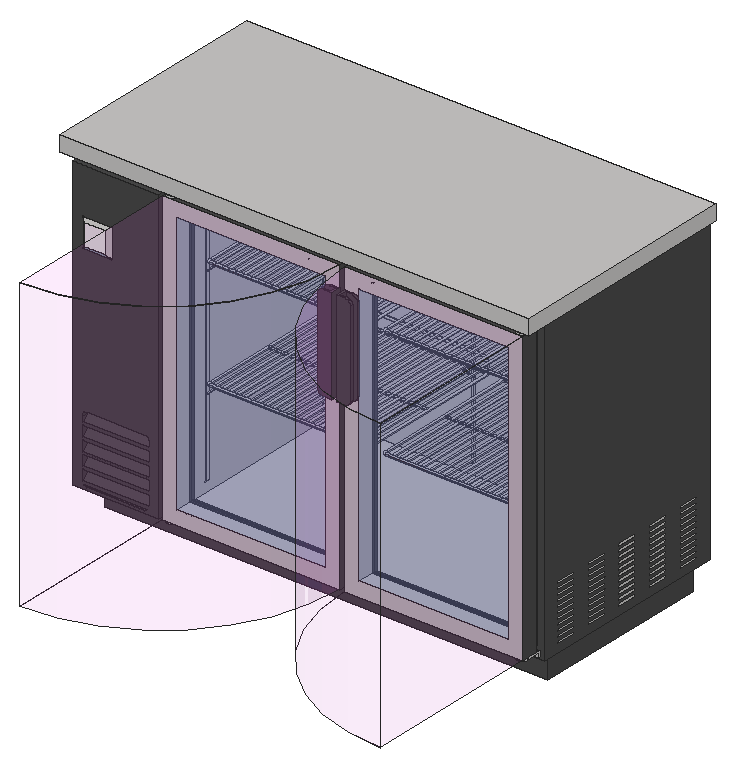
Revit family "QF_Kelvinator_738272_KCHBB48G_2-Glass_Door_Back_Bar_Refrigerator_Black_49_Long", category Specialty Equipment, Revit 2021 (continued)
Definition of nested family "KCHBB48S"
  Definition of nested family "Family1"
    Forms (in)
      Extrusion 20, solid
        sketch origin (0, -1.75, 0) x (1, 0, 0) y (0, 0, 1)
          loop
            line (17.1, 28.28433) -> (17.1, 18.28433) -> (18.6, 18.28433) -> (18.6, 28.28433) -> (17.1, 28.28433)
        from 0 to 1.07803
      Extrusion 21, void
        sketch origin (17.1, -1.75, 28.28433) x (0, 1, 0) y (1, 0, 0)
          loop
            line (-0.20136, 0) -> (-0.20136, 1.28125) -> (-0.88809, 1.28125) -> (-0.88809, 0) -> (-0.20136, 0)
        from 0 to 10
      Extrusion 22, void
        sketch origin (0, -1.75, 0) x (1, 0, 0) y (0, 0, 1)
          loop
            line (18.74063, 28.28433) -> (18.74063, 28.45985) -> (16.91722, 28.45985) -> (16.91722, 27.64371) -> (17.08438, 27.64371)
            arc (17.08438, 27.64371) -> (17.27201, 28.0967) -> (17.725, 28.28433) r 0.64062
            line (17.725, 28.28433) -> (18.74063, 28.28433)
          loop
            line (18.74063, 18.28433) -> (17.725, 18.28433)
            arc (17.725, 18.28433) -> (17.27201, 18.47197) -> (17.08438, 18.92496) r 0.64062
            line (17.08438, 18.92496) -> (16.91722, 18.92496) -> (16.91722, 18.10882) -> (18.74063, 18.10882) -> (18.74063, 18.28433)
        from 0 to 1.07803
      Extrusion 23, solid, visible <- "Show Clearance"
        sketch origin (0, 0, 0) x (1, 0, 0) y (0, 1, 0)
          loop
            line (0, -1.75) -> (0, -20.35)
            arc (0, -20.35) -> (13.15219, -14.90219) -> (18.6, -1.75) r 18.6
            line (18.6, -1.75) -> (0, -1.75)
        from 0 to 30.4
    Cuts and joins
      Extrusion 2, Extrusion 3, Extrusion 18, Extrusion 22 cuts Extrusion 1
      joined: Extrusion 6, Extrusion 7, Extrusion 8, Extrusion 9, Extrusion 10, Extrusion 11
      joined: Extrusion 12, Extrusion 13, Extrusion 14, Extrusion 15, Extrusion 16, Extrusion 17
      Extrusion 18, Extrusion 22 cuts Extrusion 4
      Extrusion 18 cuts Extrusion 5
      Extrusion 22 cuts Extrusion 19
      Extrusion 21, Extrusion 22 cuts Extrusion 20
    Lines and regions (in)
      Split face 1
        outline origin (0, -1.75, 30.4) x (-1, 0, 0) y (0, 0, -1)
          loop
            arc (-15.0075, 0.1875) -> (-14.695, 0.5) -> (-15.0075, 0.8125) r 0.3125
            line (-15.0075, 0.8125) -> (-16.10125, 0.8125)
            arc (-16.10125, 0.8125) -> (-16.41375, 0.5) -> (-16.10125, 0.1875) r 0.3125
            line (-16.10125, 0.1875) -> (-15.0075, 0.1875)
      Split face 2
        outline origin (0, -1.75, 30.4) x (-1, 0, 0) y (0, 0, -1)
          loop
            circle (-15.55437, 0.5) r 0.2773
      symbolic lines, visible <- "Show Clearance"
        curve 1: arc (16.10807, -11.05, 0) -> (17.8876, -6.84841, 0) -> (18.59064, -2.34, 0) r 18.6
        curve 2: line (1.02191, -2.34, 0) -> (16.10807, -11.05, 0)
    Dimensions and locks (in)
      equal spacing: plane 3 "LEFT", plane 7 "Center Y", plane 4 "RIGHT"
      "Length": plane 3 "LEFT" to plane 4 "RIGHT"
      equal spacing: plane 5 "FRONT", plane 8 "Center X", plane 1 "BACK"
      "Depth": plane 5 "FRONT" to plane 1 "BACK"
      "Height": plane 6 "TOP" to level
      aligned and locked: level to plane 2
    Automatic sketch dimensions
      Extrusion 1 sketch curve to level = 0.000"
      Extrusion 1 sketch curve to plane 3 "LEFT" = 0.000"
      plane 4 "RIGHT" to Extrusion 1 sketch curve = 0.000"
      Extrusion 1 sketch curve to plane 6 "TOP" = 0.000"
      Extrusion 2 sketch curve to plane 6 "TOP" = 4.42179"
      Extrusion 2 sketch curve to Extrusion 2 sketch curve = 0.3367"
      Extrusion 2 sketch curve to Extrusion 2 sketch curve = 0.33813"  (x2)
      Extrusion 2 sketch curve to Extrusion 2 sketch curve = 0.09937"  (x2)
      Extrusion 2 sketch curve to Extrusion 2 sketch curve = 0.1008"  (x2)
      plane 12 to Extrusion 2 sketch curve = 4.2715"
      Extrusion 2 sketch curve to Extrusion 2 sketch curve = 0.06211"
      Extrusion 2 sketch curve to Extrusion 2 sketch curve = 0.541"  (x2)
      plane 7 "Center Y" to Extrusion 2 sketch curve = 4.175"
      Extrusion 2 sketch curve to Extrusion 2 sketch curve = 0.000"
      Extrusion 2 sketch curve to Extrusion 2 sketch curve = 0.47572"
      Extrusion 2 sketch curve to Extrusion 2 sketch curve = 0.063"
      Split face 1 sketch curve to cut or joined group of Extrusion 1, Extrusion 2, Extrusion 3, Extrusion 18, Extrusion 22 = 0.1875"
      cut or joined group of Extrusion 1, Extrusion 2, Extrusion 3, Extrusion 18, Extrusion 22 to Split face 1 sketch curve = 0.2873"  (x2)
      Split face 1 sketch curve to cut or joined group of Extrusion 1, Extrusion 2, Extrusion 3, Extrusion 18, Extrusion 22 = 0.03125"
      Split face 2 sketch curve to cut or joined group of Extrusion 1, Extrusion 2, Extrusion 3, Extrusion 18, Extrusion 22 = 0.03125"
      Split face 2 sketch curve to cut or joined group of Extrusion 1, Extrusion 2, Extrusion 3, Extrusion 18, Extrusion 22 = 0.25958"
      Extrusion 1 to Extrusion 3 sketch curve = 0.46875"
      Extrusion 1 to Extrusion 3 sketch curve = 2.78605"
      Extrusion 3 sketch curve to Extrusion 3 sketch curve = 0.51916"
      Extrusion 3 sketch curve to Extrusion 3 sketch curve = 0.0625"
      Extrusion 4 sketch curve to plane 1 "BACK" = 0.000"
      level to Extrusion 4 sketch curve = 0.32425"
      Extrusion 4 sketch curve to plane 6 "TOP" = 0.32575"
      Extrusion 4 sketch curve to Extrusion 4 sketch curve = 0.250"
      Extrusion 5 sketch curve to plane 9 = 0.000"
      level to Extrusion 5 sketch curve = 0.32425"
      Extrusion 5 sketch curve to plane 6 "TOP" = 0.32575"
      Extrusion 5 sketch curve to Extrusion 5 sketch curve = 0.250"
      Extrusion 6 sketch curve to plane 6 "TOP" = 0.000"
      Extrusion 6 sketch curve to plane 3 "LEFT" = 0.000"
      Extrusion 6 sketch curve to plane 10 = 0.12956"
      plane 12 to Extrusion 6 sketch curve = 2.6875"
      Extrusion 7 sketch curve to plane 9 = 0.000"
      Extrusion 7 sketch curve to plane 3 "LEFT" = 0.000"
      plane 12 to Extrusion 7 sketch curve = 0.23886"
      Extrusion 7 sketch curve to plane 8 "Center X" = 0.250"
      Extrusion 8 sketch curve to Extrusion 6 = 0.29232"
      Extrusion 8 sketch curve to Extrusion 6 = 0.45668"
      Extrusion 9 sketch curve to plane 8 "Center X" = 0.000"
      plane 12 to Extrusion 9 sketch curve = 0.23886"
      Extrusion 10 sketch curve to Extrusion 6 = 0.29232"
      Extrusion 10 sketch curve to Extrusion 6 = 1.45668"
      Extrusion 11 sketch curve to Extrusion 6 = 0.29232"
      Extrusion 11 sketch curve to Extrusion 6 = 0.54332"
      Extrusion 12 sketch curve to level = 0.000"
      Extrusion 12 sketch curve to plane 3 "LEFT" = 0.000"
      Extrusion 12 sketch curve to plane 11 = 0.12956"
      plane 12 to Extrusion 12 sketch curve = 2.6875"
      Extrusion 13 sketch curve to plane 3 "LEFT" = 0.000"
      Extrusion 13 sketch curve to plane 9 = 0.000"
      Extrusion 13 sketch curve to plane 8 "Center X" = 0.250"
      Extrusion 13 sketch curve to Extrusion 13 sketch curve = 0.55136"
      Extrusion 14 sketch curve to Extrusion 12 = 0.29232"
      Extrusion 14 sketch curve to Extrusion 12 = 0.45668"
      Extrusion 15 sketch curve to plane 8 "Center X" = 0.000"
      plane 12 to Extrusion 15 sketch curve = 0.23886"
      Extrusion 16 sketch curve to Extrusion 12 = 0.29232"
      Extrusion 16 sketch curve to Extrusion 12 = 1.45668"
      Extrusion 17 sketch curve to Extrusion 12 = 0.29232"
      Extrusion 17 sketch curve to Extrusion 12 = 0.54332"
      plane 3 "LEFT" to Extrusion 18 sketch curve = 1.500"
      Extrusion 18 sketch curve to plane 6 "TOP" = 1.500"
      level to Extrusion 18 sketch curve = 1.500"
      plane 4 "RIGHT" to Extrusion 18 sketch curve = 1.500"
      plane 12 to Extrusion 19 sketch curve = 1.1875"
      plane 13 to Extrusion 19 sketch curve = 1.1875"
      level to Extrusion 19 sketch curve = 1.500"
      Extrusion 19 sketch curve to plane 6 "TOP" = 1.500"
      plane 4 "RIGHT" to Extrusion 20 sketch curve = 0.000"
      plane 13 to Extrusion 20 sketch curve = 1.1875"
      Extrusion 20 sketch curve to plane 6 "TOP" = 12.11567"
      Extrusion 20 sketch curve to plane 6 "TOP" = 2.11567"
      Extrusion 21 sketch curve to Extrusion 20 = 0.000"
      Extrusion 21 sketch curve to Extrusion 20 = 0.21875"
      Extrusion 20 to Extrusion 21 sketch curve = 0.18994"
      Extrusion 20 to Extrusion 21 sketch curve = 0.20136"
      Extrusion 22 sketch curve to Extrusion 20 = 0.000"  (x2)
      Extrusion 22 sketch curve to Extrusion 20 = 0.18278"  (x2)
      Extrusion 22 sketch curve to Extrusion 20 = 0.01562"  (x2)
      Extrusion 20 to Extrusion 22 sketch curve = 0.625"  (x2)
      Extrusion 22 sketch curve to Extrusion 20 = 0.14062"  (x2)
      Extrusion 22 sketch curve to Extrusion 20 = 0.17552"
      Extrusion 22 sketch curve to Extrusion 22 sketch curve = 0.17552"
      plane 5 "FRONT" to Extrusion 23 sketch curve = 0.000"
      Extrusion 23 sketch curve to plane 3 "LEFT" = 0.000"
      Extrusion 23 sketch curve to plane 13 = 0.3125"
      curve 1 to plane 3 "LEFT" = 0.000"
      curve 2 to plane 14 = 0.000"
      curve 1 to plane 14 = 0.000"
      plane 5 "FRONT" to curve 1 = 0.000"
      plane 13 to curve 2 = 2.17943"
      curve 2 to plane 14 = 8.710"
      plane 12 to curve 2 = 0.70941"
      radius of Split face 2 sketch curve = 0.2773"
      radius of Extrusion 8 sketch curve = 0.250"
      radius of Extrusion 9 sketch curve = 0.250"
      radius of Extrusion 10 sketch curve = 0.250"
      radius of Extrusion 11 sketch curve = 0.250"
      radius of Extrusion 14 sketch curve = 0.250"
      radius of Extrusion 15 sketch curve = 0.250"
      radius of Extrusion 16 sketch curve = 0.250"
      radius of Extrusion 17 sketch curve = 0.250"
  Definition of nested family "Family2"
    Parameters (values of type "Family2")
      Weight in Pounds = 0
      URL Cutsheet = ""
      Specification by User = ""
      Specification by Manufacturer = ""
      Serial Number = ""
      Seismic Rating = ""
      SMACNA No = ""
      Revision Code = ""
      NAFEM Spec ID Number = ""
      Masterspec = ""
      Length = 36.250"
      Item Number = ""
      Installed By = ""
      Identify Quantity as Lot = yes
      Height = 27.000"
      Furnished By = ""
      Foodservice Equipment Identifier = yes
      Depth = 17.500"
      Default Elevation = 0.000"
      CSI MasterFormat = ""
    Reference planes (in)
      plane 1 "BACK": y = 0
      plane 2: z = 0
      plane 3 "LEFT": x = 0
      plane 4 "RIGHT": x = 36.25
      plane 5 "FRONT": y = -17.5
      plane 6 "TOP": z = 27
      plane 7 "Center Y": x = 18.125
      plane 8 "Center X": y = -8.75
    Forms (in)
      Sweep 1, solid
        path origin (0, -0.375, -12.5068) x (1, 0, 0) y (0, 1, 0)
          loop
            arc (0.77862, -0.125) -> (0.60184, -0.19822) -> (0.52862, -0.375) r 0.25
            line (0.52862, -0.375) -> (0.52862, -15.625)
            arc (0.52862, -15.625) -> (0.60184, -15.80178) -> (0.77862, -15.875) r 0.25
            line (0.77862, -15.875) -> (17.06095, -15.875)
            arc (17.06095, -15.875) -> (17.23773, -15.80178) -> (17.31095, -15.625) r 0.25
            line (17.31095, -15.625) -> (17.31095, -0.375)
            arc (17.31095, -0.375) -> (17.23773, -0.19822) -> (17.06095, -0.125) r 0.25
            line (17.06095, -0.125) -> (0.77862, -0.125)
        profile origin (8.91979, -0.5, -12.5068) x (0, 1, 0) y (0, 0, 1)
          loop
            circle (0, 33.51221) r 0.125
      Sweep 2, solid
        path origin (0, -0.375, -12.5068) x (1, 0, 0) y (0, 0, 1)
          loop
            line (0.65748, 33.41305) -> (0.65748, 34.5)
            arc (0.65748, 34.5) -> (0.80392, 34.85355) -> (1.15748, 35) r 0.5
            line (1.15748, 35) -> (16.56127, 35)
            arc (16.56127, 35) -> (16.91483, 34.85355) -> (17.06127, 34.5) r 0.5
            line (17.06127, 34.5) -> (17.06127, 33.39548)
        profile origin (1.15748, -0.375, 22.4932) x (0, 0, 1) y (0, -1, 0)
          loop
            circle (0, 0.125) r 0.125
      Extrusion 3, solid
        sketch origin (0, -0.375, -12.5068) x (1, 0, 0) y (0, 0, 1)
          loop
            circle (1.24728, 33.51221) r 0.11607
          loop
            circle (1.99728, 33.51221) r 0.11719
          loop
            circle (2.74728, 33.51221) r 0.11719
          loop
            circle (3.49728, 33.51221) r 0.11719
          loop
            circle (4.24728, 33.51221) r 0.11719
          loop
            circle (4.99728, 33.51221) r 0.11719
          loop
            circle (5.74728, 33.51221) r 0.11719
          loop
            circle (6.49728, 33.51221) r 0.11719
          loop
            circle (7.24728, 33.51221) r 0.11719
          loop
            circle (7.99728, 33.51221) r 0.11719
          loop
            circle (8.74728, 33.51221) r 0.11719
          loop
            circle (12.59103, 33.51221) r 0.11719
          loop
            circle (9.49728, 33.51221) r 0.11719
          loop
            circle (10.24728, 33.51221) r 0.11719
          loop
            circle (10.99728, 33.51221) r 0.11719
          loop
            circle (11.74728, 33.51221) r 0.11719
          loop
            circle (16.44022, 33.51221) r 0.11719
          loop
            circle (15.69022, 33.51221) r 0.11719
          loop
            circle (14.94022, 33.51221) r 0.11719
          loop
            circle (14.19022, 33.51221) r 0.11719
          loop
            circle (13.44022, 33.51221) r 0.11719
        from 0.11338 to 15.87625
      Extrusion 4, solid
        sketch origin (0, -0.375, -12.5068) x (0, 1, 0) y (0, 0, 1)
          loop
            circle (-8, 33.51181) r 0.11366
        from 0.53657 to 17.16169
      Extrusion 5, solid
        sketch origin (17.375, -16, 0) x (1, 0, 0) y (0, 0, 1)
          loop
            line (18.875, 27) -> (18.69822, 26.82322) -> (18.69822, 0.17678) -> (18.875, 0) -> (18.875, 27)
        from 0 to -0.25
      Extrusion 6, solid
        sketch origin (17.375, -0.5, 0) x (1, 0, 0) y (0, 0, -1)
          loop
            line (18.875, -27) -> (18.875, 0) -> (18.69822, -0.17678) -> (18.69822, -26.82322) -> (18.875, -27)
        from 0 to -0.25
      Sweep 7, solid
        path origin (36.25, -0.375, -12.5068) x (-1, 0, 0) y (0, -1, 0)
          loop
            line (0.77862, 0.125) -> (17.06095, 0.125)
            arc (17.06095, 0.125) -> (17.23773, 0.19822) -> (17.31095, 0.375) r 0.25
            line (17.31095, 0.375) -> (17.31095, 15.625)
            arc (17.31095, 15.625) -> (17.23773, 15.80178) -> (17.06095, 15.875) r 0.25
            line (17.06095, 15.875) -> (0.77862, 15.875)
            arc (0.77862, 15.875) -> (0.60184, 15.80178) -> (0.52862, 15.625) r 0.25
            line (0.52862, 15.625) -> (0.52862, 0.375)
            arc (0.52862, 0.375) -> (0.60184, 0.19822) -> (0.77862, 0.125) r 0.25
        profile origin (27.33021, -0.5, -12.5068) x (0, -1, 0) y (0, 0, 1)
          loop
            circle (0, 33.51221) r 0.125
      Sweep 8, solid
        path origin (36.25, -0.375, -12.5068) x (-1, 0, 0) y (0, 0, -1)
          loop
            line (0.65748, -33.41305) -> (0.65748, -34.5)
            arc (0.65748, -34.5) -> (0.80392, -34.85355) -> (1.15748, -35) r 0.5
            line (1.15748, -35) -> (16.56127, -35)
            arc (16.56127, -35) -> (16.91483, -34.85355) -> (17.06127, -34.5) r 0.5
            line (17.06127, -34.5) -> (17.06127, -33.39548)
        profile origin (35.09252, -0.375, 22.4932) x (0, 0, -1) y (0, -1, 0)
          loop
            circle (0, 0.125) r 0.125
      Extrusion 9, solid
        sketch origin (36.25, -0.375, -12.5068) x (-1, 0, 0) y (0, 0, -1)
          loop
            circle (1.24728, -33.51221) r 0.11607
          loop
            circle (1.99728, -33.51221) r 0.11719
          loop
            circle (2.74728, -33.51221) r 0.11719
          loop
            circle (3.49728, -33.51221) r 0.11719
          loop
            circle (4.24728, -33.51221) r 0.11719
          loop
            circle (4.99728, -33.51221) r 0.11719
          loop
            circle (5.74728, -33.51221) r 0.11719
          loop
            circle (6.49728, -33.51221) r 0.11719
          loop
            circle (7.24728, -33.51221) r 0.11719
          loop
            circle (7.99728, -33.51221) r 0.11719
          loop
            circle (8.74728, -33.51221) r 0.11719
          loop
            circle (12.59103, -33.51221) r 0.11719
          loop
            circle (9.49728, -33.51221) r 0.11719
          loop
            circle (10.24728, -33.51221) r 0.11719
          loop
            circle (10.99728, -33.51221) r 0.11719
          loop
            circle (11.74728, -33.51221) r 0.11719
          loop
            circle (16.44022, -33.51221) r 0.11719
          loop
            circle (15.69022, -33.51221) r 0.11719
          loop
            circle (14.94022, -33.51221) r 0.11719
          loop
            circle (14.19022, -33.51221) r 0.11719
          loop
            circle (13.44022, -33.51221) r 0.11719
        from 0.11338 to 15.87625
      Extrusion 10, solid
        sketch origin (36.25, -0.375, -12.5068) x (0, 1, 0) y (0, 0, -1)
          loop
            circle (-8, -33.51181) r 0.11366
        from 0.53657 to 17.16169
      Extrusion 11, solid
        sketch origin (10.98556, -16, -0.25) x (1, 0, 0) y (0, 0, 1)
          loop
            line (25.08766, 9.5) -> (25.08766, 9.625) -> (24.04932, 9.625)
            arc (24.04932, 9.625) -> (24.01474, 9.60189) -> (24.02285, 9.5611) r 0.03743
            line (24.02285, 9.5611) -> (25.08766, 8.49629) -> (25.08766, 8.67306) -> (24.30703, 9.45369)
            arc (24.30703, 9.45369) -> (24.30115, 9.48325) -> (24.32622, 9.5) r 0.02713
            line (24.32622, 9.5) -> (25.08766, 9.5)
          loop
            line (25.08766, 21) -> (25.08766, 21.125) -> (24.04932, 21.125)
            arc (24.04932, 21.125) -> (24.01474, 21.10189) -> (24.02285, 21.0611) r 0.03743
            line (24.02285, 21.0611) -> (25.08766, 19.99629) -> (25.08766, 20.17306) -> (24.30703, 20.95369)
            arc (24.30703, 20.95369) -> (24.30115, 20.98325) -> (24.32622, 21) r 0.02713
            line (24.32622, 21) -> (25.08766, 21)
        from 0 to -0.25
      Extrusion 12, solid
        sketch origin (11.0625, -0.5, -0.25) x (1, 0, 0) y (0, 0, -1)
          loop
            line (25.01072, -9.5) -> (24.24928, -9.5)
            arc (24.24928, -9.5) -> (24.22422, -9.48325) -> (24.2301, -9.45369) r 0.02713
            line (24.2301, -9.45369) -> (25.01072, -8.67306) -> (25.01072, -8.49629) -> (23.94591, -9.5611)
            arc (23.94591, -9.5611) -> (23.9378, -9.60189) -> (23.97238, -9.625) r 0.03743
            line (23.97238, -9.625) -> (25.01072, -9.625) -> (25.01072, -9.5)
          loop
            line (25.01072, -21) -> (24.24928, -21)
            arc (24.24928, -21) -> (24.22422, -20.98325) -> (24.2301, -20.95369) r 0.02713
            line (24.2301, -20.95369) -> (25.01072, -20.17306) -> (25.01072, -19.99629) -> (23.94591, -21.0611)
            arc (23.94591, -21.0611) -> (23.9378, -21.10189) -> (23.97238, -21.125) r 0.03743
            line (23.97238, -21.125) -> (25.01072, -21.125) -> (25.01072, -21)
        from 0 to -0.25
      Extrusion 13, solid
        sketch origin (33.99829, -18.875, 0) x (0, 1, 0) y (0, 0, 1)
          loop
            line (18.875, 27) -> (18.69822, 26.82322) -> (18.69822, 0.17678) -> (18.875, 0) -> (18.875, 27)
        from 0 to -0.25
      Extrusion 14, solid
        sketch origin (33.99829, -25.26444, -0.25) x (0, 1, 0) y (0, 0, 1)
          loop
            line (25.08766, 9.48438) -> (25.08766, 9.60938) -> (24.04932, 9.60938)
            arc (24.04932, 9.60938) -> (24.01474, 9.58627) -> (24.02285, 9.54547) r 0.03743
            line (24.02285, 9.54547) -> (25.08766, 8.48066) -> (25.08766, 8.65744) -> (24.30703, 9.43806)
            arc (24.30703, 9.43806) -> (24.30115, 9.46763) -> (24.32622, 9.48438) r 0.02713
            line (24.32622, 9.48438) -> (25.08766, 9.48438)
          loop
            line (25.08766, 21) -> (25.08766, 21.125) -> (24.04932, 21.125)
            arc (24.04932, 21.125) -> (24.01474, 21.10189) -> (24.02285, 21.0611) r 0.03743
            line (24.02285, 21.0611) -> (25.08766, 19.99629) -> (25.08766, 20.17306) -> (24.30703, 20.95369)
            arc (24.30703, 20.95369) -> (24.30115, 20.98325) -> (24.32622, 21) r 0.02713
            line (24.32622, 21) -> (25.08766, 21)
        from 0 to -0.25
      Sweep 15, solid
        path origin (0, -0.375, -24.0068) x (1, 0, 0) y (0, 1, 0)
          loop
            arc (0.77862, -0.125) -> (0.60184, -0.19822) -> (0.52862, -0.375) r 0.25
            line (0.52862, -0.375) -> (0.52862, -15.625)
            arc (0.52862, -15.625) -> (0.60184, -15.80178) -> (0.77862, -15.875) r 0.25
            line (0.77862, -15.875) -> (17.06095, -15.875)
            arc (17.06095, -15.875) -> (17.23773, -15.80178) -> (17.31095, -15.625) r 0.25
            line (17.31095, -15.625) -> (17.31095, -0.375)
            arc (17.31095, -0.375) -> (17.23773, -0.19822) -> (17.06095, -0.125) r 0.25
            line (17.06095, -0.125) -> (0.77862, -0.125)
        profile origin (8.91979, -0.5, -24.0068) x (0, 1, 0) y (0, 0, 1)
          loop
            circle (0, 33.51221) r 0.125
      Sweep 16, solid
        path origin (0, -0.375, -24.0068) x (1, 0, 0) y (0, 0, 1)
          loop
            line (0.65748, 33.41305) -> (0.65748, 34.5)
            arc (0.65748, 34.5) -> (0.80392, 34.85355) -> (1.15748, 35) r 0.5
            line (1.15748, 35) -> (16.56127, 35)
            arc (16.56127, 35) -> (16.91483, 34.85355) -> (17.06127, 34.5) r 0.5
            line (17.06127, 34.5) -> (17.06127, 33.39548)
        profile origin (1.15748, -0.375, 10.9932) x (0, 0, 1) y (0, -1, 0)
          loop
            circle (0, 0.125) r 0.125
      Extrusion 17, solid
        sketch origin (0, -0.375, -24.0068) x (1, 0, 0) y (0, 0, 1)
          loop
            circle (1.24728, 33.51221) r 0.11607
          loop
            circle (1.99728, 33.51221) r 0.11719
          loop
            circle (2.74728, 33.51221) r 0.11719
          loop
            circle (3.49728, 33.51221) r 0.11719
          loop
            circle (4.24728, 33.51221) r 0.11719
          loop
            circle (4.99728, 33.51221) r 0.11719
          loop
            circle (5.74728, 33.51221) r 0.11719
          loop
            circle (6.49728, 33.51221) r 0.11719
          loop
            circle (7.24728, 33.51221) r 0.11719
          loop
            circle (7.99728, 33.51221) r 0.11719
          loop
            circle (8.74728, 33.51221) r 0.11719
          loop
            circle (12.59103, 33.51221) r 0.11719
          loop
            circle (9.49728, 33.51221) r 0.11719
          loop
            circle (10.24728, 33.51221) r 0.11719
          loop
            circle (10.99728, 33.51221) r 0.11719
          loop
            circle (11.74728, 33.51221) r 0.11719
          loop
            circle (16.44022, 33.51221) r 0.11719
          loop
            circle (15.69022, 33.51221) r 0.11719
          loop
            circle (14.94022, 33.51221) r 0.11719
          loop
            circle (14.19022, 33.51221) r 0.11719
          loop
            circle (13.44022, 33.51221) r 0.11719
        from 0.11338 to 15.87625
      Extrusion 18, solid
        sketch origin (0, -0.375, -24.0068) x (0, 1, 0) y (0, 0, 1)
          loop
            circle (-8, 33.51181) r 0.11366
        from 0.53657 to 17.16169
      Sweep 19, solid
        path origin (36.25, -0.375, -24.0068) x (-1, 0, 0) y (0, -1, 0)
          loop
            line (0.77862, 0.125) -> (17.06095, 0.125)
            arc (17.06095, 0.125) -> (17.23773, 0.19822) -> (17.31095, 0.375) r 0.25
            line (17.31095, 0.375) -> (17.31095, 15.625)
            arc (17.31095, 15.625) -> (17.23773, 15.80178) -> (17.06095, 15.875) r 0.25
            line (17.06095, 15.875) -> (0.77862, 15.875)
            arc (0.77862, 15.875) -> (0.60184, 15.80178) -> (0.52862, 15.625) r 0.25
            line (0.52862, 15.625) -> (0.52862, 0.375)
            arc (0.52862, 0.375) -> (0.60184, 0.19822) -> (0.77862, 0.125) r 0.25
        profile origin (27.33021, -0.5, -24.0068) x (0, -1, 0) y (0, 0, 1)
          loop
            circle (0, 33.51221) r 0.125
      Sweep 20, solid
        path origin (36.25, -0.375, -24.0068) x (-1, 0, 0) y (0, 0, -1)
          loop
            line (0.65748, -33.41305) -> (0.65748, -34.5)
            arc (0.65748, -34.5) -> (0.80392, -34.85355) -> (1.15748, -35) r 0.5
            line (1.15748, -35) -> (16.56127, -35)
            arc (16.56127, -35) -> (16.91483, -34.85355) -> (17.06127, -34.5) r 0.5
            line (17.06127, -34.5) -> (17.06127, -33.39548)
        profile origin (35.09252, -0.375, 10.9932) x (0, 0, -1) y (0, -1, 0)
          loop
            circle (0, 0.125) r 0.125
      Extrusion 21, solid
        sketch origin (36.25, -0.375, -24.0068) x (-1, 0, 0) y (0, 0, -1)
          loop
            circle (1.24728, -33.51221) r 0.11607
          loop
            circle (1.99728, -33.51221) r 0.11719
          loop
            circle (2.74728, -33.51221) r 0.11719
          loop
            circle (3.49728, -33.51221) r 0.11719
          loop
            circle (4.24728, -33.51221) r 0.11719
          loop
            circle (4.99728, -33.51221) r 0.11719
          loop
            circle (5.74728, -33.51221) r 0.11719
          loop
            circle (6.49728, -33.51221) r 0.11719
          loop
            circle (7.24728, -33.51221) r 0.11719
          loop
            circle (7.99728, -33.51221) r 0.11719
          loop
            circle (8.74728, -33.51221) r 0.11719
          loop
            circle (12.59103, -33.51221) r 0.11719
          loop
            circle (9.49728, -33.51221) r 0.11719
          loop
            circle (10.24728, -33.51221) r 0.11719
          loop
            circle (10.99728, -33.51221) r 0.11719
          loop
            circle (11.74728, -33.51221) r 0.11719
          loop
            circle (16.44022, -33.51221) r 0.11719
          loop
            circle (15.69022, -33.51221) r 0.11719
          loop
            circle (14.94022, -33.51221) r 0.11719
          loop
            circle (14.19022, -33.51221) r 0.11719
          loop
            circle (13.44022, -33.51221) r 0.11719
        from 0.11338 to 15.87625
      Extrusion 22, solid
        sketch origin (36.25, -0.375, -24.0068) x (0, 1, 0) y (0, 0, -1)
          loop
            circle (-8, -33.51181) r 0.11366
        from 0.53657 to 17.16169
      Extrusion 23, solid
        sketch origin (21.06079, -18.875, 0) x (0, 1, 0) y (0, 0, 1)
          loop
            line (18.875, 27) -> (18.69822, 26.82322) -> (18.69822, 0.17678) -> (18.875, 0) -> (18.875, 27)
        from 0 to -0.25
      Extrusion 24, solid
        sketch origin (21.06079, -25.26444, -0.25) x (0, 1, 0) y (0, 0, 1)
          loop
            line (25.08766, 9.48438) -> (25.08766, 9.60938) -> (24.04932, 9.60938)
            arc (24.04932, 9.60938) -> (24.01474, 9.58627) -> (24.02285, 9.54547) r 0.03743
            line (24.02285, 9.54547) -> (25.08766, 8.48066) -> (25.08766, 8.65744) -> (24.30703, 9.43806)
            arc (24.30703, 9.43806) -> (24.30115, 9.46763) -> (24.32622, 9.48438) r 0.02713
            line (24.32622, 9.48438) -> (25.08766, 9.48438)
          loop
            line (25.08766, 21) -> (25.08766, 21.125) -> (24.04932, 21.125)
            arc (24.04932, 21.125) -> (24.01474, 21.10189) -> (24.02285, 21.0611) r 0.03743
            line (24.02285, 21.0611) -> (25.08766, 19.99629) -> (25.08766, 20.17306) -> (24.30703, 20.95369)
            arc (24.30703, 20.95369) -> (24.30115, 20.98325) -> (24.32622, 21) r 0.02713
            line (24.32622, 21) -> (25.08766, 21)
        from 0 to -0.25
      Extrusion 25, solid
        sketch origin (18.875, -16, 0) x (-1, 0, 0) y (0, 0, -1)
          loop
            line (18.875, -27) -> (18.875, 0) -> (18.69822, -0.17678) -> (18.69822, -26.82322) -> (18.875, -27)
        from 0 to -0.25
      Extrusion 26, solid
        sketch origin (18.875, -0.5, 0) x (-1, 0, 0) y (0, 0, 1)
          loop
            line (18.875, 27) -> (18.69822, 26.82322) -> (18.69822, 0.17678) -> (18.875, 0) -> (18.875, 27)
        from 0 to -0.25
      Extrusion 27, solid
        sketch origin (25.26444, -16, -0.25) x (-1, 0, 0) y (0, 0, -1)
          loop
            line (25.08766, -9.5) -> (24.32622, -9.5)
            arc (24.32622, -9.5) -> (24.30115, -9.48325) -> (24.30703, -9.45369) r 0.02713
            line (24.30703, -9.45369) -> (25.08766, -8.67306) -> (25.08766, -8.49629) -> (24.02285, -9.5611)
            arc (24.02285, -9.5611) -> (24.01474, -9.60189) -> (24.04932, -9.625) r 0.03743
            line (24.04932, -9.625) -> (25.08766, -9.625) -> (25.08766, -9.5)
          loop
            line (25.08766, -21) -> (24.32622, -21)
            arc (24.32622, -21) -> (24.30115, -20.98325) -> (24.30703, -20.95369) r 0.02713
            line (24.30703, -20.95369) -> (25.08766, -20.17306) -> (25.08766, -19.99629) -> (24.02285, -21.0611)
            arc (24.02285, -21.0611) -> (24.01474, -21.10189) -> (24.04932, -21.125) r 0.03743
            line (24.04932, -21.125) -> (25.08766, -21.125) -> (25.08766, -21)
        from 0 to -0.25
      Extrusion 28, solid
        sketch origin (25.1875, -0.5, -0.25) x (-1, 0, 0) y (0, 0, 1)
          loop
            line (25.01072, 9.5) -> (25.01072, 9.625) -> (23.97238, 9.625)
            arc (23.97238, 9.625) -> (23.9378, 9.60189) -> (23.94591, 9.5611) r 0.03743
            line (23.94591, 9.5611) -> (25.01072, 8.49629) -> (25.01072, 8.67306) -> (24.2301, 9.45369)
            arc (24.2301, 9.45369) -> (24.22422, 9.48325) -> (24.24928, 9.5) r 0.02713
            line (24.24928, 9.5) -> (25.01072, 9.5)
          loop
            line (25.01072, 21) -> (25.01072, 21.125) -> (23.97238, 21.125)
            arc (23.97238, 21.125) -> (23.9378, 21.10189) -> (23.94591, 21.0611) r 0.03743
            line (23.94591, 21.0611) -> (25.01072, 19.99629) -> (25.01072, 20.17306) -> (24.2301, 20.95369)
            arc (24.2301, 20.95369) -> (24.22422, 20.98325) -> (24.24928, 21) r 0.02713
            line (24.24928, 21) -> (25.01072, 21)
        from 0 to -0.25
      Extrusion 29, solid
        sketch origin (2.25171, -18.875, 0) x (0, 1, 0) y (0, 0, -1)
          loop
            line (18.875, -27) -> (18.875, 0) -> (18.69822, -0.17678) -> (18.69822, -26.82322) -> (18.875, -27)
        from 0 to -0.25
      Extrusion 30, solid
        sketch origin (2.25171, -25.26444, -0.25) x (0, 1, 0) y (0, 0, -1)
          loop
            line (25.08766, -9.48438) -> (24.32622, -9.48438)
            arc (24.32622, -9.48438) -> (24.30115, -9.46763) -> (24.30703, -9.43806) r 0.02713
            line (24.30703, -9.43806) -> (25.08766, -8.65744) -> (25.08766, -8.48066) -> (24.02285, -9.54547)
            arc (24.02285, -9.54547) -> (24.01474, -9.58627) -> (24.04932, -9.60938) r 0.03743
            line (24.04932, -9.60938) -> (25.08766, -9.60938) -> (25.08766, -9.48438)
          loop
            line (25.08766, -21) -> (24.32622, -21)
            arc (24.32622, -21) -> (24.30115, -20.98325) -> (24.30703, -20.95369) r 0.02713
            line (24.30703, -20.95369) -> (25.08766, -20.17306) -> (25.08766, -19.99629) -> (24.02285, -21.0611)
            arc (24.02285, -21.0611) -> (24.01474, -21.10189) -> (24.04932, -21.125) r 0.03743
            line (24.04932, -21.125) -> (25.08766, -21.125) -> (25.08766, -21)
        from 0 to -0.25
      Extrusion 31, solid
        sketch origin (15.18921, -18.875, 0) x (0, 1, 0) y (0, 0, -1)
          loop
            line (18.875, -27) -> (18.875, 0) -> (18.69822, -0.17678) -> (18.69822, -26.82322) -> (18.875, -27)
        from 0 to -0.25
      Extrusion 32, solid
        sketch origin (15.18921, -25.26444, -0.25) x (0, 1, 0) y (0, 0, -1)
          loop
            line (25.08766, -9.48438) -> (24.32622, -9.48438)
            arc (24.32622, -9.48438) -> (24.30115, -9.46763) -> (24.30703, -9.43806) r 0.02713
            line (24.30703, -9.43806) -> (25.08766, -8.65744) -> (25.08766, -8.48066) -> (24.02285, -9.54547)
            arc (24.02285, -9.54547) -> (24.01474, -9.58627) -> (24.04932, -9.60938) r 0.03743
            line (24.04932, -9.60938) -> (25.08766, -9.60938) -> (25.08766, -9.48438)
          loop
            line (25.08766, -21) -> (24.32622, -21)
            arc (24.32622, -21) -> (24.30115, -20.98325) -> (24.30703, -20.95369) r 0.02713
            line (24.30703, -20.95369) -> (25.08766, -20.17306) -> (25.08766, -19.99629) -> (24.02285, -21.0611)
            arc (24.02285, -21.0611) -> (24.01474, -21.10189) -> (24.04932, -21.125) r 0.03743
            line (24.04932, -21.125) -> (25.08766, -21.125) -> (25.08766, -21)
        from 0 to -0.25
    Dimensions and locks (in)
      equal spacing: plane 3 "LEFT", plane 7 "Center Y", plane 4 "RIGHT"
      "Length": plane 3 "LEFT" to plane 4 "RIGHT"
      equal spacing: plane 5 "FRONT", plane 8 "Center X", plane 1 "BACK"
      "Depth": plane 5 "FRONT" to plane 1 "BACK"
      "Height": plane 6 "TOP" to level
      aligned and locked: level to plane 2
    Automatic sketch dimensions
      plane 3 "LEFT" to Sweep 1 sketch curve = 0.52862"
      Sweep 1 sketch curve to Sweep 1 sketch curve = 0.250"  (x3)
      plane 1 "BACK" to Sweep 1 sketch curve = 0.500"
      Sweep 1 sketch curve to plane 7 "Center Y" = 1.06405"  (x2)
      Sweep 1 sketch curve to plane 5 "FRONT" = 1.500"
      Sweep 1 sketch curve to profile plane = 0.000"
      profile plane to Sweep 1 sketch curve = 33.51221"
      plane 3 "LEFT" to Sweep 2 sketch curve = 0.65748"
      Sweep 2 sketch curve to Sweep 2 sketch curve = 0.500"  (x2)
      Sweep 2 sketch curve to plane 7 "Center Y" = 1.56373"
      Sweep 2 sketch curve to plane 6 "TOP" = 5.0068"
      Sweep 2 sketch curve to Sweep 2 sketch curve = 1.08695"
      Sweep 2 sketch curve to Sweep 2 sketch curve = 1.10452"
      profile plane to Sweep 2 sketch curve = 0.000"
      profile plane to Sweep 2 sketch curve = 0.125"
      plane 3 "LEFT" to Extrusion 3 sketch curve = 1.24728"
      Extrusion 3 sketch curve to Extrusion 3 sketch curve = 0.750"  (x18)
      Extrusion 3 sketch curve to Extrusion 3 sketch curve = 0.84375"
      Extrusion 3 sketch curve to Extrusion 3 sketch curve = 0.8492"
      Extrusion 3 sketch curve to plane 6 "TOP" = 5.99459"
      Extrusion 3 sketch curve to Extrusion 3 sketch curve = 0.000"  (x20)
      plane 8 "Center X" to Extrusion 4 sketch curve = 0.375"
      Extrusion 4 sketch curve to plane 6 "TOP" = 5.99499"
      plane 4 "RIGHT" to Extrusion 5 sketch curve = 0.000"
      Extrusion 5 sketch curve to level = 0.000"
      Extrusion 5 sketch curve to plane 6 "TOP" = 0.000"
      plane 4 "RIGHT" to Extrusion 5 sketch curve = 0.17678"
      level to Extrusion 5 sketch curve = 0.17678"
      Extrusion 5 sketch curve to plane 6 "TOP" = 0.17678"
      plane 4 "RIGHT" to Extrusion 6 sketch curve = 0.000"
      Extrusion 6 sketch curve to plane 6 "TOP" = 0.000"
      Extrusion 6 sketch curve to level = 0.000"
      plane 4 "RIGHT" to Extrusion 6 sketch curve = 0.17678"
      Extrusion 6 sketch curve to plane 6 "TOP" = 0.17678"
      level to Extrusion 6 sketch curve = 0.17678"
      plane 4 "RIGHT" to Sweep 7 sketch curve = 0.52862"
      Sweep 7 sketch curve to Sweep 7 sketch curve = 0.250"  (x3)
      plane 1 "BACK" to Sweep 7 sketch curve = 0.500"
      plane 7 "Center Y" to Sweep 7 sketch curve = 1.06405"  (x2)
      Sweep 7 sketch curve to plane 5 "FRONT" = 1.500"
      Sweep 7 sketch curve to profile plane = 0.000"
      profile plane to Sweep 7 sketch curve = 33.51221"
      plane 4 "RIGHT" to Sweep 8 sketch curve = 0.65748"
      Sweep 8 sketch curve to Sweep 8 sketch curve = 0.500"  (x2)
      plane 7 "Center Y" to Sweep 8 sketch curve = 1.56373"
      Sweep 8 sketch curve to plane 6 "TOP" = 4.5068"
      Sweep 8 sketch curve to Sweep 8 sketch curve = 1.08695"
      Sweep 8 sketch curve to Sweep 8 sketch curve = 1.10452"
      Sweep 8 sketch curve to profile plane = 0.000"
      profile plane to Sweep 8 sketch curve = 0.125"
      plane 4 "RIGHT" to Extrusion 9 sketch curve = 1.24728"
      Extrusion 9 sketch curve to Extrusion 9 sketch curve = 0.750"  (x18)
      Extrusion 9 sketch curve to Extrusion 9 sketch curve = 0.84375"
      Extrusion 9 sketch curve to Extrusion 9 sketch curve = 0.8492"
      Extrusion 9 sketch curve to plane 6 "TOP" = 5.99459"
      Extrusion 9 sketch curve to Extrusion 9 sketch curve = 0.000"  (x20)
      plane 8 "Center X" to Extrusion 10 sketch curve = 0.375"
      Extrusion 10 sketch curve to plane 6 "TOP" = 5.99499"
      plane 4 "RIGHT" to Extrusion 11 sketch curve = 1.24159"  (x2)
      Extrusion 11 sketch curve to Extrusion 11 sketch curve = 0.02647"  (x4)
      Extrusion 11 sketch curve to Extrusion 11 sketch curve = 0.25771"  (x2)
      Extrusion 11 sketch curve to Extrusion 11 sketch curve = 0.01918"  (x4)
      plane 4 "RIGHT" to Extrusion 11 sketch curve = 0.17678"  (x4)
      level to Extrusion 11 sketch curve = 8.24629"
      Extrusion 11 sketch curve to Extrusion 11 sketch curve = 0.17678"  (x2)
      Extrusion 11 sketch curve to Extrusion 11 sketch curve = 0.78063"  (x2)
      Extrusion 11 sketch curve to Extrusion 11 sketch curve = 0.10741"  (x2)
      Extrusion 11 sketch curve to plane 6 "TOP" = 7.25371"
      plane 4 "RIGHT" to Extrusion 12 sketch curve = 1.24159"  (x2)
      Extrusion 12 sketch curve to Extrusion 12 sketch curve = 0.02647"  (x2)
      Extrusion 12 sketch curve to Extrusion 12 sketch curve = 0.25771"  (x2)
      Extrusion 12 sketch curve to Extrusion 12 sketch curve = 0.01918"  (x2)
      plane 4 "RIGHT" to Extrusion 12 sketch curve = 0.17678"  (x4)
      Extrusion 12 sketch curve to plane 6 "TOP" = 6.125"
      Extrusion 12 sketch curve to Extrusion 12 sketch curve = 0.03743"  (x2)
      Extrusion 12 sketch curve to Extrusion 12 sketch curve = 0.125"  (x2)
      Extrusion 12 sketch curve to Extrusion 12 sketch curve = 0.02713"  (x2)
      Extrusion 12 sketch curve to Extrusion 12 sketch curve = 0.82694"  (x2)
      Extrusion 12 sketch curve to Extrusion 12 sketch curve = 0.17678"  (x2)
      level to Extrusion 12 sketch curve = 9.375"
      Extrusion 13 sketch curve to plane 1 "BACK" = 0.000"
      Extrusion 13 sketch curve to level = 0.000"
      Extrusion 13 sketch curve to plane 6 "TOP" = 0.000"
      plane 1 "BACK" to Extrusion 13 sketch curve = 0.17678"
      level to Extrusion 13 sketch curve = 0.17678"
      Extrusion 13 sketch curve to plane 6 "TOP" = 0.17678"
      plane 1 "BACK" to Extrusion 14 sketch curve = 1.24159"  (x2)
      Extrusion 14 sketch curve to Extrusion 14 sketch curve = 0.02647"  (x4)
      Extrusion 14 sketch curve to Extrusion 14 sketch curve = 0.25771"  (x2)
      Extrusion 14 sketch curve to Extrusion 14 sketch curve = 0.01918"  (x4)
      plane 1 "BACK" to Extrusion 14 sketch curve = 0.17678"  (x4)
      level to Extrusion 14 sketch curve = 8.23066"
      Extrusion 14 sketch curve to Extrusion 14 sketch curve = 0.17678"  (x2)
      Extrusion 14 sketch curve to Extrusion 14 sketch curve = 0.78063"  (x2)
      Extrusion 14 sketch curve to Extrusion 14 sketch curve = 0.10741"  (x2)
      Extrusion 14 sketch curve to plane 6 "TOP" = 7.25371"
      plane 3 "LEFT" to Sweep 15 sketch curve = 0.52862"
      Sweep 15 sketch curve to Sweep 15 sketch curve = 0.250"  (x3)
      plane 1 "BACK" to Sweep 15 sketch curve = 0.500"
      Sweep 15 sketch curve to plane 7 "Center Y" = 1.06405"  (x2)
      Sweep 15 sketch curve to plane 5 "FRONT" = 1.500"
      Sweep 15 sketch curve to profile plane = 0.000"
      profile plane to Sweep 15 sketch curve = 33.51221"
      plane 3 "LEFT" to Sweep 16 sketch curve = 0.65748"
      Sweep 16 sketch curve to Sweep 16 sketch curve = 0.500"  (x2)
      Sweep 16 sketch curve to plane 7 "Center Y" = 1.56373"
      level to Sweep 16 sketch curve = 10.4932"
      Sweep 16 sketch curve to Sweep 16 sketch curve = 1.08695"
      Sweep 16 sketch curve to Sweep 16 sketch curve = 1.10452"
      profile plane to Sweep 16 sketch curve = 0.000"
      profile plane to Sweep 16 sketch curve = 0.125"
      plane 3 "LEFT" to Extrusion 17 sketch curve = 1.24728"
      Extrusion 17 sketch curve to Extrusion 17 sketch curve = 0.750"  (x18)
      Extrusion 17 sketch curve to Extrusion 17 sketch curve = 0.84375"
      Extrusion 17 sketch curve to Extrusion 17 sketch curve = 0.8492"
      level to Extrusion 17 sketch curve = 9.50541"
      Extrusion 17 sketch curve to Extrusion 17 sketch curve = 0.000"  (x20)
      plane 8 "Center X" to Extrusion 18 sketch curve = 0.375"
      level to Extrusion 18 sketch curve = 9.50501"
      plane 4 "RIGHT" to Sweep 19 sketch curve = 0.52862"
      Sweep 19 sketch curve to Sweep 19 sketch curve = 0.250"  (x3)
      plane 1 "BACK" to Sweep 19 sketch curve = 0.500"
      plane 7 "Center Y" to Sweep 19 sketch curve = 1.06405"  (x2)
      Sweep 19 sketch curve to plane 5 "FRONT" = 1.500"
      Sweep 19 sketch curve to profile plane = 0.000"
      profile plane to Sweep 19 sketch curve = 33.51221"
      plane 4 "RIGHT" to Sweep 20 sketch curve = 0.65748"
      Sweep 20 sketch curve to Sweep 20 sketch curve = 0.500"  (x2)
      plane 7 "Center Y" to Sweep 20 sketch curve = 1.56373"
      level to Sweep 20 sketch curve = 10.9932"
      Sweep 20 sketch curve to Sweep 20 sketch curve = 1.08695"
      Sweep 20 sketch curve to Sweep 20 sketch curve = 1.10452"
      Sweep 20 sketch curve to profile plane = 0.000"
      profile plane to Sweep 20 sketch curve = 0.125"
      plane 4 "RIGHT" to Extrusion 21 sketch curve = 1.24728"
      Extrusion 21 sketch curve to Extrusion 21 sketch curve = 0.750"  (x18)
      Extrusion 21 sketch curve to Extrusion 21 sketch curve = 0.84375"
      Extrusion 21 sketch curve to Extrusion 21 sketch curve = 0.8492"
      level to Extrusion 21 sketch curve = 9.50541"
      Extrusion 21 sketch curve to Extrusion 21 sketch curve = 0.000"  (x20)
      plane 8 "Center X" to Extrusion 22 sketch curve = 0.375"
      level to Extrusion 22 sketch curve = 9.50501"
      Extrusion 23 sketch curve to plane 1 "BACK" = 0.000"
      Extrusion 23 sketch curve to level = 0.000"
      Extrusion 23 sketch curve to plane 6 "TOP" = 0.000"
      plane 1 "BACK" to Extrusion 23 sketch curve = 0.17678"
      level to Extrusion 23 sketch curve = 0.17678"
      Extrusion 23 sketch curve to plane 6 "TOP" = 0.17678"
      plane 1 "BACK" to Extrusion 24 sketch curve = 1.24159"  (x2)
      Extrusion 24 sketch curve to Extrusion 24 sketch curve = 0.02647"  (x4)
      Extrusion 24 sketch curve to Extrusion 24 sketch curve = 0.25771"  (x2)
      Extrusion 24 sketch curve to Extrusion 24 sketch curve = 0.01918"  (x4)
      plane 1 "BACK" to Extrusion 24 sketch curve = 0.17678"  (x4)
      level to Extrusion 24 sketch curve = 8.23066"
      Extrusion 24 sketch curve to Extrusion 24 sketch curve = 0.17678"  (x2)
      Extrusion 24 sketch curve to Extrusion 24 sketch curve = 0.78063"  (x2)
      Extrusion 24 sketch curve to Extrusion 24 sketch curve = 0.10741"  (x2)
      Extrusion 24 sketch curve to plane 6 "TOP" = 7.25371"
      Extrusion 25 sketch curve to plane 3 "LEFT" = 0.000"
      Extrusion 25 sketch curve to plane 6 "TOP" = 0.000"
      Extrusion 25 sketch curve to level = 0.000"
      plane 3 "LEFT" to Extrusion 25 sketch curve = 0.17678"
      Extrusion 25 sketch curve to plane 6 "TOP" = 0.17678"
      level to Extrusion 25 sketch curve = 0.17678"
      Extrusion 26 sketch curve to plane 3 "LEFT" = 0.000"
      Extrusion 26 sketch curve to level = 0.000"
      Extrusion 26 sketch curve to plane 6 "TOP" = 0.000"
      plane 3 "LEFT" to Extrusion 26 sketch curve = 0.17678"
      level to Extrusion 26 sketch curve = 0.17678"
      Extrusion 26 sketch curve to plane 6 "TOP" = 0.17678"
      plane 3 "LEFT" to Extrusion 27 sketch curve = 1.24159"  (x2)
      Extrusion 27 sketch curve to Extrusion 27 sketch curve = 0.02647"  (x2)
      Extrusion 27 sketch curve to Extrusion 27 sketch curve = 0.25771"  (x2)
      Extrusion 27 sketch curve to Extrusion 27 sketch curve = 0.01918"  (x2)
      plane 3 "LEFT" to Extrusion 27 sketch curve = 0.17678"  (x4)
      Extrusion 27 sketch curve to plane 6 "TOP" = 6.125"
      Extrusion 27 sketch curve to Extrusion 27 sketch curve = 0.03743"  (x2)
      Extrusion 27 sketch curve to Extrusion 27 sketch curve = 0.125"  (x2)
      Extrusion 27 sketch curve to Extrusion 27 sketch curve = 0.02713"  (x2)
      Extrusion 27 sketch curve to Extrusion 27 sketch curve = 0.82694"  (x2)
      Extrusion 27 sketch curve to Extrusion 27 sketch curve = 0.17678"  (x2)
      level to Extrusion 27 sketch curve = 9.375"
      plane 3 "LEFT" to Extrusion 28 sketch curve = 1.24159"  (x2)
      Extrusion 28 sketch curve to Extrusion 28 sketch curve = 0.02647"  (x4)
      Extrusion 28 sketch curve to Extrusion 28 sketch curve = 0.25771"  (x2)
      Extrusion 28 sketch curve to Extrusion 28 sketch curve = 0.01918"  (x4)
      plane 3 "LEFT" to Extrusion 28 sketch curve = 0.17678"  (x4)
      level to Extrusion 28 sketch curve = 8.24629"
      Extrusion 28 sketch curve to Extrusion 28 sketch curve = 0.17678"  (x2)
      Extrusion 28 sketch curve to Extrusion 28 sketch curve = 0.78063"  (x2)
      Extrusion 28 sketch curve to Extrusion 28 sketch curve = 0.10741"  (x2)
      Extrusion 28 sketch curve to plane 6 "TOP" = 7.25371"
      Extrusion 29 sketch curve to plane 1 "BACK" = 0.000"
      Extrusion 29 sketch curve to plane 6 "TOP" = 0.000"
      Extrusion 29 sketch curve to level = 0.000"
      plane 1 "BACK" to Extrusion 29 sketch curve = 0.17678"
      Extrusion 29 sketch curve to plane 6 "TOP" = 0.17678"
      level to Extrusion 29 sketch curve = 0.17678"
      plane 1 "BACK" to Extrusion 30 sketch curve = 1.24159"  (x2)
      Extrusion 30 sketch curve to Extrusion 30 sketch curve = 0.02647"  (x2)
      Extrusion 30 sketch curve to Extrusion 30 sketch curve = 0.25771"  (x2)
      Extrusion 30 sketch curve to Extrusion 30 sketch curve = 0.01918"  (x2)
      plane 1 "BACK" to Extrusion 30 sketch curve = 0.17678"  (x4)
      Extrusion 30 sketch curve to plane 6 "TOP" = 6.125"
      Extrusion 30 sketch curve to Extrusion 30 sketch curve = 0.03743"  (x2)
      Extrusion 30 sketch curve to Extrusion 30 sketch curve = 0.125"  (x2)
      Extrusion 30 sketch curve to Extrusion 30 sketch curve = 0.02713"  (x2)
      Extrusion 30 sketch curve to Extrusion 30 sketch curve = 0.82694"  (x2)
      Extrusion 30 sketch curve to Extrusion 30 sketch curve = 0.17678"  (x2)
      level to Extrusion 30 sketch curve = 9.35938"
      Extrusion 31 sketch curve to plane 1 "BACK" = 0.000"
      Extrusion 31 sketch curve to plane 6 "TOP" = 0.000"
      Extrusion 31 sketch curve to level = 0.000"
      plane 1 "BACK" to Extrusion 31 sketch curve = 0.17678"
      Extrusion 31 sketch curve to plane 6 "TOP" = 0.17678"
      level to Extrusion 31 sketch curve = 0.17678"
      plane 1 "BACK" to Extrusion 32 sketch curve = 1.24159"  (x2)
      Extrusion 32 sketch curve to Extrusion 32 sketch curve = 0.02647"  (x2)
      Extrusion 32 sketch curve to Extrusion 32 sketch curve = 0.25771"  (x2)
      Extrusion 32 sketch curve to Extrusion 32 sketch curve = 0.01918"  (x2)
      plane 1 "BACK" to Extrusion 32 sketch curve = 0.17678"  (x4)
      Extrusion 32 sketch curve to plane 6 "TOP" = 6.125"
      Extrusion 32 sketch curve to Extrusion 32 sketch curve = 0.03743"  (x2)
      Extrusion 32 sketch curve to Extrusion 32 sketch curve = 0.125"  (x2)
      Extrusion 32 sketch curve to Extrusion 32 sketch curve = 0.02713"  (x2)
      Extrusion 32 sketch curve to Extrusion 32 sketch curve = 0.82694"  (x2)
      Extrusion 32 sketch curve to Extrusion 32 sketch curve = 0.17678"  (x2)
      level to Extrusion 32 sketch curve = 9.35938"
      radius of Sweep 1 sketch curve = 0.125"
      radius of Sweep 2 sketch curve = 0.125"
      radius of Extrusion 3 sketch curve = 0.11607"
      radius of Extrusion 3 sketch curve = 0.11719"  (x20)
      radius of Extrusion 4 sketch curve = 0.11366"
      radius of Sweep 7 sketch curve = 0.125"
      radius of Sweep 8 sketch curve = 0.125"
      radius of Extrusion 9 sketch curve = 0.11607"
      radius of Extrusion 9 sketch curve = 0.11719"  (x20)
      radius of Extrusion 10 sketch curve = 0.11366"
      radius of Sweep 15 sketch curve = 0.125"
      radius of Sweep 16 sketch curve = 0.125"
      radius of Extrusion 17 sketch curve = 0.11607"
      radius of Extrusion 17 sketch curve = 0.11719"  (x20)
      radius of Extrusion 18 sketch curve = 0.11366"
      radius of Sweep 19 sketch curve = 0.125"
      radius of Sweep 20 sketch curve = 0.125"
      radius of Extrusion 21 sketch curve = 0.11607"
      radius of Extrusion 21 sketch curve = 0.11719"  (x20)
      radius of Extrusion 22 sketch curve = 0.11366"
